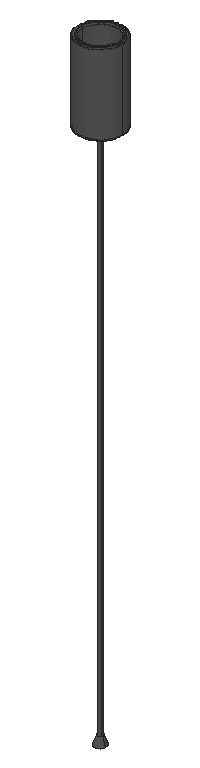
Revit family "CARLO CYLINDER LIGHT Pendant_ Surface", category Lighting Fixtures, host Face, Revit 2020 (continued)
Types (13): name | Wattage_Input | Wattage Comments | Wattage | built-in parameter 1150134 | Size 08 | Size 04 | Photometric Web File | built-in parameter 1150142 | Model | built-in parameter 1150105 | Lumens | built-in parameter 1150107 | built-in parameter 1150106 | Fixture Height | Fixture Diameter | BEAMING ANGLE | Apparent Load
     6.7566 5.742 4.9942 4.6342 4.21 3.7097 3.4593 \r\n 3.1114 2.7677 2.5461 2.1749 1.9769 1.7964 1.5168 1.3713 1.2271 1.0391 \r\n 0.9263 0.80615 0.67832 0.60564 0.51367 0.42944 0.38499 0.329 0.26893 0.23266 \r\n 0.20454 0.15661 0.12443 0.1004 0.056516 0.032278 0.016173 0.00014381 0 0 \r\n 0 0 0 0 0 0 0 0 0 0 \r\n 0 0 0 0 0 0 0 0 0 0 \r\n 0 0 0 0.011921 0.027918 0.055874 0.079948 0.10393 0.1359 0.15606 \r\n 0.188 0.228 0.25616 0.29215 0.33219 0.38021 0.42433 0.47238 0.5362 0.59635 \r\n 0.6644 0.73649 0.81656 0.90068 0.99277 1.0889 1.193 1.2932 1.4093 1.5255 \r\n 1.6494 1.7776 1.9058 2.042 2.1742 2.3105 2.4467 2.5869 2.7272 2.8635 \r\n 3.0077 3.1396 3.2679 3.3961 3.5243 3.6288 3.7449 3.8492 3.9494 4.0376 \r\n 4.1258 4.21 4.2899 4.3542 4.4064 4.4585 4.5027 4.5428 4.563 4.5751 \r\n 4.5871 4.5991 4.6111 4.6231 4.6351 4.663 4.6831 4.7191 4.7512 4.7792 \r\n 4.8796 \r\n1780.4 1798.6 1796.4 1788.3 1771.4 1748.2 1713.3 1671.3 1622.3 1568.3 \r\n 1508.6 1438.5 1361.1 1281.2 1198.5 1107 1017 925.27 836.53 753.13 \r\n 673.32 600.5 534.18 477.03 430.39 395.68 371.84 355.24 341.94 331.1 \r\n 321.44 312.45 304.03 296.52 287.85 277.62 258.36 229.93 194.86 161.9 \r\n 125.58 93.54 62.168 36.76 24.585 20.952 18.321 15.672 13.61 12.265 \r\n 10.811 8.7668 7.3168 6.6778 6.1556 5.3138 4.8011 4.3754 3.8674 3.5488 \r\n 3.2084 2.8648 2.5914 2.2952 2.0422 1.8372 1.5933 1.4122 1.2557 1.0756 \r\n 0.95077 0.83448 0.70276 0.61405 0.52589 0.44169 0.38526 0.33708 0.26522 0.22875 \r\n 0.19665 0.1527 0.11258 0.092398 0.060493 0.032393 0.012258 0.00014088 0 0 \r\n 0 0 0 0 0 0 0 0 0 0 \r\n 0 0 0 0 0 0 0 0 0 0 \r\n 0 0 0.0079235 0.027826 0.051826 0.07587 0.10388 0.13185 0.1599 0.19983 \r\n 0.22406 0.26395 0.2961 0.33608 0.38408 0.43613 0.47633 0.53623 0.59617 0.66024 \r\n 0.73622 0.81236 0.90038 0.98854 1.0886 1.1967 1.289 1.405 1.5252 1.6493 \r\n 1.7811 1.9134 2.0496 2.1858 2.3221 2.4662 2.6065 2.7468 2.8831 3.0193 \r\n 3.1556 3.2875 3.4118 3.54 3.6563 3.7686 3.8768 3.9811 4.0813 4.1577 \r\n 4.2497 4.33 4.402 4.4741 4.5304 4.5865 4.6347 4.6709 4.703 4.7152 \r\n 4.7392 4.7513 4.7594 4.7713 4.7873 4.8152 4.8353 4.8554 4.8794 4.9232 \r\n 4.8796 \r\n1780.4 1794.5 1793.1 1787.9 1773.8 1751.9 1721.5 1683.4 1637.1 1586.7 \r\n 1530.4 1465.2 1392.7 1317.7 1238.4 1151.1 1065.1 974.41 888.93 803.04 \r\n 723.38 646.03 575.43 511.71 457.47 414.42 385.27 363.82 347.93 334.83 \r\n 324.31 314.82 306.93 299.73 292.44 283.47 266.62 238.25 209.8 174.07 \r\n 137.01 100.83 69.255 41.469 25.542 21.767 19.88 16.732 14.2 13.068 \r\n 12.101 10.579 7.5768 6.8675 6.4253 5.8052 4.8209 4.4955 4.0704 3.6111 \r\n 3.3265 3.0295 2.6861 2.4648 2.1576 1.9178 1.7607 1.4969 1.321 1.1963 \r\n 1.0085 0.88436 0.77194 0.63623 0.55605 0.47209 0.38415 0.3241 0.27197 0.21604 \r\n 0.17987 0.13182 0.087885 0.059834 0.031745 0 0 0 0 0 \r\n 0 0 0 0 0 0 0 0 0 0 \r\n 0 0 0 0 0 0 0 0 0 0.000089 \r\n 0.012111 0.024195 0.044232 0.064335 0.092351 0.11639 0.14047 0.16856 0.20058 0.22871 \r\n 0.26462 0.29276 0.33283 0.37287 0.40901 0.45315 0.50525 0.55745 0.62153 0.68175 \r\n 0.75384 0.82212 0.90614 1.0023 1.0905 1.1947 1.2949 1.4032 1.5154 1.6358 \r\n 1.768 1.8962 2.0285 2.1604 2.3007 2.4449 2.5812 2.7214 2.8577 2.9979 \r\n 3.1341 3.2664 3.3985 3.5188 3.6466 3.7627 3.8668 3.9671 4.0711 4.1553 \r\n 4.2474 4.3355 4.4116 4.4836 4.5437 4.6036 4.6516 4.6996 4.7316 4.7556 \r\n 4.7716 4.7876 4.7996 4.8117 4.8318 4.8518 4.8718 4.8919 4.9239 4.9437 \r\n 4.8796 \r\n1780.4 1790.6 1791.5 1783.9 1768.8 1746.7 1714.8 1680.3 1634.8 1583.1 \r\n 1525.6 1460.8 1392.9 1323.5 1247 1162.4 1078.7 988.86 902.34 818.7 \r\n 737.95 661.71 589.96 524.09 465.87 420.47 388.79 366.22 350 335.85 \r\n 324.69 314.77 306.34 298.57 290.51 281.7 263.06 236.97 202.31 170.44 \r\n 131.19 97.642 64.164 39.61 22.954 18.718 16.66 15.14 13.569 12.542 \r\n 11.744 10.492 7.5553 6.6567 6.1118 5.4837 4.7832 4.4426 4.0188 3.6218 \r\n 3.3281 3.0087 2.7158 2.4589 2.1787 1.9378 1.7568 1.5408 1.3601 1.2234 \r\n 1.0514 0.92274 0.80277 0.68651 0.598 0.5138 0.42965 0.36926 0.31312 0.25701 \r\n 0.20884 0.17265 0.13262 0.096607 0.072412 0.040454 0.020271 0.0002348 0 0 \r\n 0 0 0 0 0 0 0 0 0 0 \r\n 0 0 0 0 0 0 0 0 0 0 \r\n 0 0 0.011885 0.031832 0.051869 0.06794 0.1038 0.1279 0.15985 0.19191 \r\n 0.22001 0.25598 0.29205 0.32811 0.37606 0.42019 0.4722 0.52429 0.5802 0.64421 \r\n 0.71624 0.79233 0.86847 0.96441 1.0566 1.1567 1.2529 1.365 1.4811 1.6013 \r\n 1.7291 1.8613 1.9896 2.1297 2.2541 2.3981 2.5424 2.6827 2.815 2.9512 \r\n 3.0914 3.2234 3.3477 3.4719 3.5882 3.7005 3.8087 3.913 4.0053 4.0974 \r\n 4.1856 4.2659 4.3458 4.4141 4.4822 4.5503 4.5868 4.6228 4.6589 4.6751 \r\n 4.6912 4.7072 4.7232 4.7392 4.7513 4.7752 4.7953 4.8153 4.8393 4.8792 \r\n 4.8796 \r\n1780.4 1784.7 1782.6 1775.2 1759 1734.3 1702.9 1665.1 1624 1572.5 \r\n 1516.9 1453.2 1385.6 1318.2 1242.8 1160.3 1077.9 990.81 906.14 822.78 \r\n 742.1 667.05 597.39 531.13 473.25 424.63 391.44 368.08 350.8 337.13 \r\n 325.61 315.29 306.58 299.2 290.6 281.09 261.24 230.46 199.59 160.41 \r\n 131.78 93.277 63.31 35.545 21.875 17.937 15.583 13.586 12.705 12.331 \r\n 11.024 9.9905 7.8263 6.8246 6.0146 5.6537 5.2539 4.4795 4.0665 3.619 \r\n 3.314 2.9664 2.7293 2.421 2.1419 1.9451 1.6892 1.5049 1.3247 1.1606 \r\n 1.0164 0.87617 0.74427 0.64798 0.53998 0.45218 0.38002 0.30401 0.24399 0.19587 \r\n 0.14395 0.11193 0.08377 0.043883 0.023809 0 0 0 0 0 \r\n 0 0 0 0 0 0 0 0 0 0 \r\n 0 0 0 0 0 0 0 0 0 0.000089 \r\n 0.012202 0.036183 0.052244 0.072314 0.096323 0.11647 0.14849 0.17654 0.20459 0.23272 \r\n 0.26868 0.30478 0.34482 0.38098 0.42904 0.47312 0.5173 0.57337 0.62565 0.69774 \r\n 0.7659 0.83811 0.91813 1.0103 1.1025 1.2027 1.299 1.4113 1.5315 1.6518 \r\n 1.78 1.9083 2.0445 2.1724 2.3087 2.4489 2.5852 2.7254 2.8657 3.0018 \r\n 3.1262 3.2662 3.3865 3.5106 3.6225 3.7387 3.8508 3.951 4.0471 4.1392 \r\n 4.2274 4.3154 4.3915 4.4636 4.5316 4.5876 4.6395 4.6756 4.7075 4.7275 \r\n 4.7356 4.7555 4.7636 4.7796 4.7916 4.8077 4.8278 4.8478 4.8758 4.8997 \r\n 4.8796 \r\n1780.4 1780.5 1774.6 1761.6 1740.5 1711.4 1679.8 1641.1 1595.5 1544.4 \r\n 1484.8 1421.4 1355 1283.3 1205.6 1127.4 1042.7 958.44 873.24 793.76 \r\n 714.82 638.9 571.25 508.4 451.94 409.49 381.22 360.7 344.98 331.56 \r\n 320.72 311.24 303.11 295.65 287.15 273.6 248.52 217.14 185.31 146.76 \r\n 113.54 80.394 50.429 28.356 19.013 16.39 14.17 12.584 11.909 11.197 \r\n 10.386 9.1179 7.3963 6.3818 5.7324 5.4635 4.894 4.313 3.8192 3.5087 \r\n 3.1406 2.856 2.6071 2.2756 2.0974 1.8181 1.593 1.4558 1.2363 1.0873 \r\n 0.96676 0.82275 0.71448 0.62607 0.54187 0.46167 0.38945 0.32128 0.27692 0.22888 \r\n 0.18476 0.14861 0.12047 0.080633 0.052431 0.028337 0.0042939 0.000047 0 0 \r\n 0 0 0 0 0 0 0 0 0 0 \r\n 0 0 0 0 0 0 0 0 0 0 \r\n 0 0.0039608 0.023815 0.035926 0.059839 0.091812 0.12387 0.14793 0.18384 0.21595 \r\n 0.25197 0.28011 0.31608 0.36007 0.40019 0.45612 0.50429 0.56031 0.62021 0.68032 \r\n 0.76021 0.83244 0.92041 1.0165 1.1087 1.2167 1.3091 1.429 1.5532 1.6734 \r\n 1.8052 1.9335 2.0696 2.2098 2.3501 2.4864 2.6226 2.7588 2.8991 3.0274 \r\n 3.1675 3.2916 3.4158 3.5321 3.6523 3.7606 3.8649 3.9691 4.0614 4.1496 \r\n 4.2377 4.3179 4.3979 4.4701 4.5422 4.5946 4.6348 4.6788 4.6991 4.7192 \r\n 4.7352 4.7394 4.7434 4.7513 4.7554 4.7752 4.7873 4.8033 4.8273 4.8672 \r\n 4.8796 \r\n" | "CCL3-06-10SPSW8-40-PSM-BK" | 902.32 (stored number, unit not read) | 900 lm | 3000 (stored number, unit not read) | 9.0232 (stored number, unit not read) | 0' - 6 51/256" | 0' - 3" | 40.00° | 10 VA
